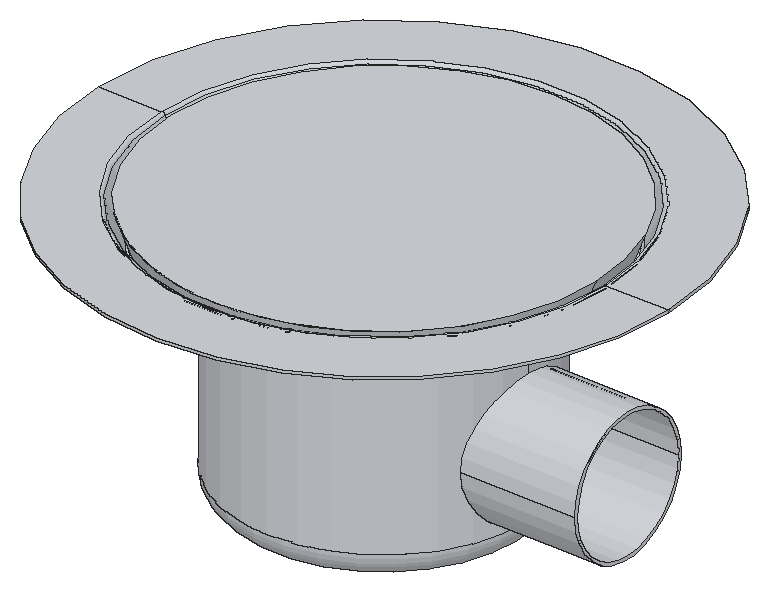
Revit family "S-599_Horizontal", category Plumbing Fixtures, Revit 2015
Parameters (values of type "S-599_Horizontal_Steel inox.")
  WFU = 1
  URL = "http://www.jimten.com/en/producto/332/sumidero-para-suelo-vinilico-salida-horizontal"
  Total Minimum Height = "100 mm"  # constant formula
  Size = "Ø160 mm"  # constant formula
  Reference = "12452"  # constant formula
  Outlet = "50M"  # constant formula
  Model = "S-599"  # constant formula
  Material = ABS (White)
  Manufacturer = "Jimten"  # constant formula
  Hidraulic seal = "50 mm"  # constant formula
  Grid = INOX AISI304
  Flowrate = 0.9 L/s  # constant formula
  Diameter = 50 mm  # constant formula
  Description = "VINYL FLOOR GULLY, REMOVABLE TRAP, WITH HAIR FILTER, HORIZONTAL OUTLET, WITH ROUND COVER INOX, VANDAL SAFE"  # constant formula
  Type Comments = "WITH PRESSING RING FOR VINYL WATERPROOFING MEMBRANES. WITH PROTECTION COVER "  # constant formula
  Clase carga = "K3"  # constant formula
Reference planes
  plane 1 "Center (Front/Back)": y = 0
  plane 2: z = 0
  plane 3 "Center (Left/Right)": x = 0
Dimensions and locks
  aligned and locked: level to plane 2
Nested families
  nested 1: "S-599-OutletHorizontal" at (0, 0, 0), type "S-599-OutletHorizontal"
  nested 2: "S-599-Grid" at (0, 0, 0), type "S-599-Grid"
Connectors
  piping at (92.509, 0, -65), diameter 50, driven by "Diameter", driven by "WFU", driven by "Flowrate"
    settings: on nested 1, index 1, connector inside diameter 609.6 mm, connector length 0 mm, flow factor 0, pipe flow 0.9 L/s, pressure drop 0.0 Pa, fitting loss kfactor 0, connector angle 0.00°, fixture units 1, engagement length 0 mm, angle of deflection 0.00°, flow configuration 0, flow direction 2, fitting loss method 0, system type 16, joint type 0, gender type 0, connector reference index -1, connector utility 0, adjustable connector yes, is connector primary yes, connector description ""
Definition of nested family "S-599-OutletHorizontal"
  Parameters (values of type "S-599-OutletHorizontal")
    MaterialOutlet = none
  Reference planes
    plane 1 "Center (Front/Back)": y = 0
    plane 2: z = 0
    plane 3 "Center (Left/Right)": x = 0
    plane 4: z = -100
    plane 5: z = -113
    plane 6: x = -25
    plane 7: x = 25
    plane 8: z = -65
    plane 9: x = 92.509
  Forms (mm)
    Revolve 1, solid
      sketch origin (0, 0, 0) x (1, 0, 0) y (0, 0, 1)
        loop
          arc (55, -16.606) -> (55.293, -15.899) -> (56, -15.606) r 1
          line (56, -15.606) -> (76.629, -15.606)
          arc (76.629, -15.606) -> (77.434, -15.366) -> (77.976, -14.724) r 1.469
          line (77.976, -14.724) -> (83.69, -1.601)
          arc (83.69, -1.601) -> (84.059, -1.164) -> (84.607, -1) r 1
          line (84.607, -1) -> (108, -1) -> (108, 0) -> (84.31, 0)
          arc (84.31, 0) -> (83.489, -0.245) -> (82.936, -0.899) r 1.5
          line (82.936, -0.899) -> (77.198, -14.007)
          arc (77.198, -14.007) -> (76.829, -14.443) -> (76.282, -14.606) r 1
          line (76.282, -14.606) -> (56, -14.606)
          arc (56, -14.606) -> (54.586, -15.192) -> (54, -16.606) r 2
          line (54, -16.606) -> (54, -90)
          arc (54, -90) -> (51.364, -96.364) -> (45, -99) r 9
          line (45, -99) -> (0, -99) -> (0, -100) -> (45, -100)
          arc (45, -100) -> (52.071, -97.071) -> (55, -90) r 10
          line (55, -90) -> (55, -16.606)
        axis (0, 0) -> (0, -100)
      angle from 0 to 360
    Revolve 2, solid
      sketch origin (-6.158, -0.419, 0) x (1, 0, 0) y (0, 0, 1)
        loop
          line (75.98, -18) -> (75.98, -10.167) -> (73.872, -15.009)
          arc (73.872, -15.009) -> (73.503, -15.446) -> (72.955, -15.609) r 1
          line (72.955, -15.609) -> (61.5, -15.609)
          arc (61.5, -15.609) -> (60.793, -15.902) -> (60.5, -16.609) r 1
          line (60.5, -16.609) -> (60.5, -28) -> (65.98, -28)
          arc (65.98, -28) -> (73.051, -25.071) -> (75.98, -18) r 10
        axis (0, -10.167) -> (0, -28)
      angle from 0 to 7
    Revolve 3, solid
      sketch origin (0.419, -6.158, 0) x (0, 1, 0) y (0, 0, 1)
        loop
          line (75.98, -18) -> (75.98, -10.167) -> (73.872, -15.009)
          arc (73.872, -15.009) -> (73.503, -15.446) -> (72.955, -15.609) r 1
          line (72.955, -15.609) -> (61.5, -15.609)
          arc (61.5, -15.609) -> (60.793, -15.902) -> (60.5, -16.609) r 1
          line (60.5, -16.609) -> (60.5, -28) -> (65.98, -28)
          arc (65.98, -28) -> (73.051, -25.071) -> (75.98, -18) r 10
        axis (0, -10.167) -> (0, -28)
      angle from 0 to 7
    Revolve 4, solid
      sketch origin (6.158, 0.419, 0) x (-1, 0, 0) y (0, 0, 1)
        loop
          line (75.98, -18) -> (75.98, -10.167) -> (73.872, -15.009)
          arc (73.872, -15.009) -> (73.503, -15.446) -> (72.955, -15.609) r 1
          line (72.955, -15.609) -> (61.5, -15.609)
          arc (61.5, -15.609) -> (60.793, -15.902) -> (60.5, -16.609) r 1
          line (60.5, -16.609) -> (60.5, -28) -> (65.98, -28)
          arc (65.98, -28) -> (73.051, -25.071) -> (75.98, -18) r 10
        axis (0, -10.167) -> (0, -28)
      angle from 0 to 7
    Revolve 5, solid
      sketch origin (-0.419, 6.158, 0) x (0, -1, 0) y (0, 0, 1)
        loop
          line (75.98, -18) -> (75.98, -10.167) -> (73.872, -15.009)
          arc (73.872, -15.009) -> (73.503, -15.446) -> (72.955, -15.609) r 1
          line (72.955, -15.609) -> (61.5, -15.609)
          arc (61.5, -15.609) -> (60.793, -15.902) -> (60.5, -16.609) r 1
          line (60.5, -16.609) -> (60.5, -28) -> (65.98, -28)
          arc (65.98, -28) -> (73.051, -25.071) -> (75.98, -18) r 10
        axis (0, -10.167) -> (0, -28)
      angle from 0 to 7
    Extrusion 6, solid
      sketch origin (0, 0, 0) x (0, 1, 0) y (0, 0, 1)
        loop
          circle (0, -65) r 25
        loop
          circle (0, -65) r 24
      from 45.851 to 92.509
  Cuts and joins
    joined: Revolve 1, Extrusion 6
  Dimensions and locks
    level to plane 4 = 100 mm
    plane 7 to plane 6 = 50 mm
    plane 8 to plane 4 = 35 mm  (x2)
    diameter of Extrusion 6 sketch curve = 50 mm
    aligned and locked: level to plane 2
    aligned and locked: plane 8 to Extrusion 6 sketch curve  (x2)
    aligned and locked: plane 9 to Extrusion 6
Definition of nested family "S-599-Grid"
  Parameters (values of type "S-599-Rejilla")
    Materia_Rejilla = none
  Reference planes
    plane 1 "Center (Front/Back)": y = 0
    plane 2: z = 0
    plane 3 "Center (Left/Right)": x = 0
    plane 4: z = -15
    plane 5 "DetalleRejilla": z = 1
  Forms (mm)
    Blend 1, solid
      base sketch origin (-125.198, -1524, -15) x (-1, 0, 0) y (0, -1, 0)
        loop
          circle (-125.198, -1524) r 75
      top sketch origin (-125.198, -1524, -15) x (-1, 0, 0) y (0, -1, 0)
        loop
          circle (-125.198, -1524) r 80.5
      from 0 to 15
  Lines and regions (mm)
    model lines, detail levels medium+fine
      curve 1: arc (-73.5, -14.925, 1) -> (0.019, -75, 1) -> (73.508, -14.888, 1) r 75
      curve 2: arc (73.508, 14.888, 1) -> (0.019, 75, 1) -> (-73.5, 14.925, 1) r 75
      curve 3: arc (73.508, 14.888, 1) -> (64.052, 0, 1) -> (73.508, -14.888, 1) r 16.448
      curve 4: arc (-73.5, -14.925, 1) -> (-64.015, 0, 1) -> (-73.5, 14.925, 1) r 16.485
      curve 5: circle (0, 0, 1) r 80.5 normal (0, 0, 1)
  Dimensions and locks
    plane 4 to plane 2 = 15 mm
    plane 5 "DetalleRejilla" to plane 2 = 1 mm
    aligned and locked: level to plane 2
    aligned and locked: level to Blend 1
